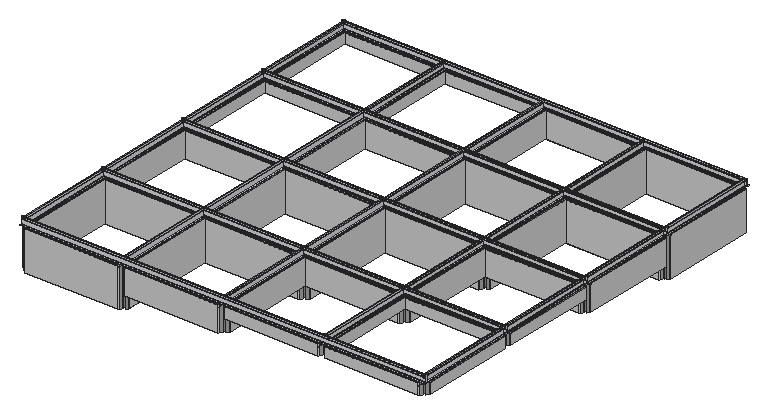
Revit family "GRD-SEC-001_SECTION GRID 001_RFA", category Modelos genéricos, Revit 2022
Family settings
  Puede alojar armadura = No
  Cota de conector redondo = Diámetro de uso
  Tipo de pieza = Normal
  Se basa en plano de trabajo = No
  Siempre vertical = Sí
  Corte con vacíos al cargar = No
  Mantener orientación de anotación = No
  Compartido = No
  Punto de cálculo de habitación = No
Parameters
  Elevación por defecto = 0.00"
Reference planes (in)
  plane 1 "Centro (Frontal/Posterior)": y = 0
  plane 2: z = 0
  plane 3 "Centro (Izquierda/Derecha)": x = 0
Forms (in)
  Extrusion 1, solid
    sketch origin (0, 0.25, 0) x (0, 1, 0) y (0, 0, 1)
      loop
        line (0.42221, 1.66259) -> (0.42231, 0.67354)
        arc (0.42231, 0.67354) -> (0.41009, 0.64403) -> (0.38057, 0.6318) r 0.04174
        line (0.38057, 0.6318) -> (-0.00639, 0.6318) -> (-0.00639, 0.59057) -> (0.8874, 0.59057) -> (0.8874, 0.6318) -> (0.49998, 0.6318)
        arc (0.49998, 0.6318) -> (0.47046, 0.64403) -> (0.45824, 0.67354) r 0.04174
        line (0.45824, 0.67354) -> (0.45834, 1.66259)
        arc (0.45834, 1.66259) -> (0.46543, 1.67969) -> (0.48252, 1.68677) r 0.02418
        line (0.48252, 1.68677) -> (0.52252, 1.68677)
        arc (0.52252, 1.68677) -> (0.55303, 1.69941) -> (0.56566, 1.72991) r 0.04314
        line (0.56566, 1.72991) -> (0.56566, 2.14095)
        arc (0.56566, 2.14095) -> (0.5626, 2.15637) -> (0.55386, 2.16944) r 0.04029
        line (0.55386, 2.16944) -> (0.47053, 2.25277)
        arc (0.47053, 2.25277) -> (0.44027, 2.2653) -> (0.41002, 2.25277) r 0.04279
        line (0.41002, 2.25277) -> (0.32669, 2.16944)
        arc (0.32669, 2.16944) -> (0.31795, 2.15637) -> (0.31489, 2.14095) r 0.04029
        line (0.31489, 2.14095) -> (0.31489, 1.72991)
        arc (0.31489, 1.72991) -> (0.32752, 1.69941) -> (0.35803, 1.68677) r 0.04314
        line (0.35803, 1.68677) -> (0.39803, 1.68677)
        arc (0.39803, 1.68677) -> (0.41512, 1.67969) -> (0.42221, 1.66259) r 0.02418
      loop
        arc (0.33294, 1.7291) -> (0.34005, 1.71194) -> (0.35722, 1.70483) r 0.02428
        line (0.35722, 1.70483) -> (0.39815, 1.70483)
        arc (0.39815, 1.70483) -> (0.42797, 1.69248) -> (0.44023, 1.66266) r 0.04217
        arc (0.44023, 1.66266) -> (0.45258, 1.69248) -> (0.4824, 1.70483) r 0.04217
        line (0.4824, 1.70483) -> (0.52333, 1.70483)
        arc (0.52333, 1.70483) -> (0.54049, 1.71194) -> (0.54761, 1.7291) r 0.02428
        line (0.54761, 1.7291) -> (0.54761, 2.15016) -> (0.45704, 2.24072)
        arc (0.45704, 2.24072) -> (0.44027, 2.24767) -> (0.42351, 2.24072) r 0.02371
        line (0.42351, 2.24072) -> (0.33294, 2.15016) -> (0.33294, 1.7291)
    from 0 to 96.9361
  Extrusion 2, solid
    sketch origin (0, 24.25, 0) x (0, 1, 0) y (0, 0, 1)
      loop
        line (0.42221, 1.66259) -> (0.42231, 0.67354)
        arc (0.42231, 0.67354) -> (0.41009, 0.64403) -> (0.38057, 0.6318) r 0.04174
        line (0.38057, 0.6318) -> (-0.00639, 0.6318) -> (-0.00639, 0.59057) -> (0.8874, 0.59057) -> (0.8874, 0.6318) -> (0.49998, 0.6318)
        arc (0.49998, 0.6318) -> (0.47046, 0.64403) -> (0.45824, 0.67354) r 0.04174
        line (0.45824, 0.67354) -> (0.45834, 1.66259)
        arc (0.45834, 1.66259) -> (0.46543, 1.67969) -> (0.48252, 1.68677) r 0.02418
        line (0.48252, 1.68677) -> (0.52252, 1.68677)
        arc (0.52252, 1.68677) -> (0.55303, 1.69941) -> (0.56566, 1.72991) r 0.04314
        line (0.56566, 1.72991) -> (0.56566, 2.14095)
        arc (0.56566, 2.14095) -> (0.5626, 2.15637) -> (0.55386, 2.16944) r 0.04029
        line (0.55386, 2.16944) -> (0.47053, 2.25277)
        arc (0.47053, 2.25277) -> (0.44027, 2.2653) -> (0.41002, 2.25277) r 0.04279
        line (0.41002, 2.25277) -> (0.32669, 2.16944)
        arc (0.32669, 2.16944) -> (0.31795, 2.15637) -> (0.31489, 2.14095) r 0.04029
        line (0.31489, 2.14095) -> (0.31489, 1.72991)
        arc (0.31489, 1.72991) -> (0.32752, 1.69941) -> (0.35803, 1.68677) r 0.04314
        line (0.35803, 1.68677) -> (0.39803, 1.68677)
        arc (0.39803, 1.68677) -> (0.41512, 1.67969) -> (0.42221, 1.66259) r 0.02418
      loop
        arc (0.33294, 1.7291) -> (0.34005, 1.71194) -> (0.35722, 1.70483) r 0.02428
        line (0.35722, 1.70483) -> (0.39815, 1.70483)
        arc (0.39815, 1.70483) -> (0.42797, 1.69248) -> (0.44023, 1.66266) r 0.04217
        arc (0.44023, 1.66266) -> (0.45258, 1.69248) -> (0.4824, 1.70483) r 0.04217
        line (0.4824, 1.70483) -> (0.52333, 1.70483)
        arc (0.52333, 1.70483) -> (0.54049, 1.71194) -> (0.54761, 1.7291) r 0.02428
        line (0.54761, 1.7291) -> (0.54761, 2.15016) -> (0.45704, 2.24072)
        arc (0.45704, 2.24072) -> (0.44027, 2.24767) -> (0.42351, 2.24072) r 0.02371
        line (0.42351, 2.24072) -> (0.33294, 2.15016) -> (0.33294, 1.7291)
    from 0 to 96.9361
  Extrusion 3, solid
    sketch origin (0, 48.25, 0) x (0, 1, 0) y (0, 0, 1)
      loop
        line (0.42221, 1.66259) -> (0.42231, 0.67354)
        arc (0.42231, 0.67354) -> (0.41009, 0.64403) -> (0.38057, 0.6318) r 0.04174
        line (0.38057, 0.6318) -> (-0.00639, 0.6318) -> (-0.00639, 0.59057) -> (0.8874, 0.59057) -> (0.8874, 0.6318) -> (0.49998, 0.6318)
        arc (0.49998, 0.6318) -> (0.47046, 0.64403) -> (0.45824, 0.67354) r 0.04174
        line (0.45824, 0.67354) -> (0.45834, 1.66259)
        arc (0.45834, 1.66259) -> (0.46543, 1.67969) -> (0.48252, 1.68677) r 0.02418
        line (0.48252, 1.68677) -> (0.52252, 1.68677)
        arc (0.52252, 1.68677) -> (0.55303, 1.69941) -> (0.56566, 1.72991) r 0.04314
        line (0.56566, 1.72991) -> (0.56566, 2.14095)
        arc (0.56566, 2.14095) -> (0.5626, 2.15637) -> (0.55386, 2.16944) r 0.04029
        line (0.55386, 2.16944) -> (0.47053, 2.25277)
        arc (0.47053, 2.25277) -> (0.44027, 2.2653) -> (0.41002, 2.25277) r 0.04279
        line (0.41002, 2.25277) -> (0.32669, 2.16944)
        arc (0.32669, 2.16944) -> (0.31795, 2.15637) -> (0.31489, 2.14095) r 0.04029
        line (0.31489, 2.14095) -> (0.31489, 1.72991)
        arc (0.31489, 1.72991) -> (0.32752, 1.69941) -> (0.35803, 1.68677) r 0.04314
        line (0.35803, 1.68677) -> (0.39803, 1.68677)
        arc (0.39803, 1.68677) -> (0.41512, 1.67969) -> (0.42221, 1.66259) r 0.02418
      loop
        arc (0.33294, 1.7291) -> (0.34005, 1.71194) -> (0.35722, 1.70483) r 0.02428
        line (0.35722, 1.70483) -> (0.39815, 1.70483)
        arc (0.39815, 1.70483) -> (0.42797, 1.69248) -> (0.44023, 1.66266) r 0.04217
        arc (0.44023, 1.66266) -> (0.45258, 1.69248) -> (0.4824, 1.70483) r 0.04217
        line (0.4824, 1.70483) -> (0.52333, 1.70483)
        arc (0.52333, 1.70483) -> (0.54049, 1.71194) -> (0.54761, 1.7291) r 0.02428
        line (0.54761, 1.7291) -> (0.54761, 2.15016) -> (0.45704, 2.24072)
        arc (0.45704, 2.24072) -> (0.44027, 2.24767) -> (0.42351, 2.24072) r 0.02371
        line (0.42351, 2.24072) -> (0.33294, 2.15016) -> (0.33294, 1.7291)
    from 0 to 96.9361
  Extrusion 4, solid
    sketch origin (0, 72.25, 0) x (0, 1, 0) y (0, 0, 1)
      loop
        line (0.42221, 1.66259) -> (0.42231, 0.67354)
        arc (0.42231, 0.67354) -> (0.41009, 0.64403) -> (0.38057, 0.6318) r 0.04174
        line (0.38057, 0.6318) -> (-0.00639, 0.6318) -> (-0.00639, 0.59057) -> (0.8874, 0.59057) -> (0.8874, 0.6318) -> (0.49998, 0.6318)
        arc (0.49998, 0.6318) -> (0.47046, 0.64403) -> (0.45824, 0.67354) r 0.04174
        line (0.45824, 0.67354) -> (0.45834, 1.66259)
        arc (0.45834, 1.66259) -> (0.46543, 1.67969) -> (0.48252, 1.68677) r 0.02418
        line (0.48252, 1.68677) -> (0.52252, 1.68677)
        arc (0.52252, 1.68677) -> (0.55303, 1.69941) -> (0.56566, 1.72991) r 0.04314
        line (0.56566, 1.72991) -> (0.56566, 2.14095)
        arc (0.56566, 2.14095) -> (0.5626, 2.15637) -> (0.55386, 2.16944) r 0.04029
        line (0.55386, 2.16944) -> (0.47053, 2.25277)
        arc (0.47053, 2.25277) -> (0.44027, 2.2653) -> (0.41002, 2.25277) r 0.04279
        line (0.41002, 2.25277) -> (0.32669, 2.16944)
        arc (0.32669, 2.16944) -> (0.31795, 2.15637) -> (0.31489, 2.14095) r 0.04029
        line (0.31489, 2.14095) -> (0.31489, 1.72991)
        arc (0.31489, 1.72991) -> (0.32752, 1.69941) -> (0.35803, 1.68677) r 0.04314
        line (0.35803, 1.68677) -> (0.39803, 1.68677)
        arc (0.39803, 1.68677) -> (0.41512, 1.67969) -> (0.42221, 1.66259) r 0.02418
      loop
        arc (0.33294, 1.7291) -> (0.34005, 1.71194) -> (0.35722, 1.70483) r 0.02428
        line (0.35722, 1.70483) -> (0.39815, 1.70483)
        arc (0.39815, 1.70483) -> (0.42797, 1.69248) -> (0.44023, 1.66266) r 0.04217
        arc (0.44023, 1.66266) -> (0.45258, 1.69248) -> (0.4824, 1.70483) r 0.04217
        line (0.4824, 1.70483) -> (0.52333, 1.70483)
        arc (0.52333, 1.70483) -> (0.54049, 1.71194) -> (0.54761, 1.7291) r 0.02428
        line (0.54761, 1.7291) -> (0.54761, 2.15016) -> (0.45704, 2.24072)
        arc (0.45704, 2.24072) -> (0.44027, 2.24767) -> (0.42351, 2.24072) r 0.02371
        line (0.42351, 2.24072) -> (0.33294, 2.15016) -> (0.33294, 1.7291)
    from 0 to 96.9361
  Extrusion 5, solid
    sketch origin (0, 96.25, 0) x (0, 1, 0) y (0, 0, 1)
      loop
        line (0.42221, 1.66259) -> (0.42231, 0.67354)
        arc (0.42231, 0.67354) -> (0.41009, 0.64403) -> (0.38057, 0.6318) r 0.04174
        line (0.38057, 0.6318) -> (-0.00639, 0.6318) -> (-0.00639, 0.59057) -> (0.8874, 0.59057) -> (0.8874, 0.6318) -> (0.49998, 0.6318)
        arc (0.49998, 0.6318) -> (0.47046, 0.64403) -> (0.45824, 0.67354) r 0.04174
        line (0.45824, 0.67354) -> (0.45834, 1.66259)
        arc (0.45834, 1.66259) -> (0.46543, 1.67969) -> (0.48252, 1.68677) r 0.02418
        line (0.48252, 1.68677) -> (0.52252, 1.68677)
        arc (0.52252, 1.68677) -> (0.55303, 1.69941) -> (0.56566, 1.72991) r 0.04314
        line (0.56566, 1.72991) -> (0.56566, 2.14095)
        arc (0.56566, 2.14095) -> (0.5626, 2.15637) -> (0.55386, 2.16944) r 0.04029
        line (0.55386, 2.16944) -> (0.47053, 2.25277)
        arc (0.47053, 2.25277) -> (0.44027, 2.2653) -> (0.41002, 2.25277) r 0.04279
        line (0.41002, 2.25277) -> (0.32669, 2.16944)
        arc (0.32669, 2.16944) -> (0.31795, 2.15637) -> (0.31489, 2.14095) r 0.04029
        line (0.31489, 2.14095) -> (0.31489, 1.72991)
        arc (0.31489, 1.72991) -> (0.32752, 1.69941) -> (0.35803, 1.68677) r 0.04314
        line (0.35803, 1.68677) -> (0.39803, 1.68677)
        arc (0.39803, 1.68677) -> (0.41512, 1.67969) -> (0.42221, 1.66259) r 0.02418
      loop
        arc (0.33294, 1.7291) -> (0.34005, 1.71194) -> (0.35722, 1.70483) r 0.02428
        line (0.35722, 1.70483) -> (0.39815, 1.70483)
        arc (0.39815, 1.70483) -> (0.42797, 1.69248) -> (0.44023, 1.66266) r 0.04217
        arc (0.44023, 1.66266) -> (0.45258, 1.69248) -> (0.4824, 1.70483) r 0.04217
        line (0.4824, 1.70483) -> (0.52333, 1.70483)
        arc (0.52333, 1.70483) -> (0.54049, 1.71194) -> (0.54761, 1.7291) r 0.02428
        line (0.54761, 1.7291) -> (0.54761, 2.15016) -> (0.45704, 2.24072)
        arc (0.45704, 2.24072) -> (0.44027, 2.24767) -> (0.42351, 2.24072) r 0.02371
        line (0.42351, 2.24072) -> (0.33294, 2.15016) -> (0.33294, 1.7291)
    from 0 to 96.9361
  Extrusion 6, solid
    sketch origin (48.02754, 155.15856, 0) x (1, 0, 0) y (0, 0, 1)
      loop
        line (0.42221, 1.66259) -> (0.42231, 0.67354)
        arc (0.42231, 0.67354) -> (0.41009, 0.64403) -> (0.38057, 0.6318) r 0.04174
        line (0.38057, 0.6318) -> (-0.00639, 0.6318) -> (-0.00639, 0.59057) -> (0.8874, 0.59057) -> (0.8874, 0.6318) -> (0.49998, 0.6318)
        arc (0.49998, 0.6318) -> (0.47046, 0.64403) -> (0.45824, 0.67354) r 0.04174
        line (0.45824, 0.67354) -> (0.45834, 1.66259)
        arc (0.45834, 1.66259) -> (0.46543, 1.67969) -> (0.48252, 1.68677) r 0.02418
        line (0.48252, 1.68677) -> (0.52252, 1.68677)
        arc (0.52252, 1.68677) -> (0.55303, 1.69941) -> (0.56566, 1.72991) r 0.04314
        line (0.56566, 1.72991) -> (0.56566, 2.14095)
        arc (0.56566, 2.14095) -> (0.5626, 2.15637) -> (0.55386, 2.16944) r 0.04029
        line (0.55386, 2.16944) -> (0.47053, 2.25277)
        arc (0.47053, 2.25277) -> (0.44027, 2.2653) -> (0.41002, 2.25277) r 0.04279
        line (0.41002, 2.25277) -> (0.32669, 2.16944)
        arc (0.32669, 2.16944) -> (0.31795, 2.15637) -> (0.31489, 2.14095) r 0.04029
        line (0.31489, 2.14095) -> (0.31489, 1.72991)
        arc (0.31489, 1.72991) -> (0.32752, 1.69941) -> (0.35803, 1.68677) r 0.04314
        line (0.35803, 1.68677) -> (0.39803, 1.68677)
        arc (0.39803, 1.68677) -> (0.41512, 1.67969) -> (0.42221, 1.66259) r 0.02418
      loop
        arc (0.33294, 1.7291) -> (0.34005, 1.71194) -> (0.35722, 1.70483) r 0.02428
        line (0.35722, 1.70483) -> (0.39815, 1.70483)
        arc (0.39815, 1.70483) -> (0.42797, 1.69248) -> (0.44023, 1.66266) r 0.04217
        arc (0.44023, 1.66266) -> (0.45258, 1.69248) -> (0.4824, 1.70483) r 0.04217
        line (0.4824, 1.70483) -> (0.52333, 1.70483)
        arc (0.52333, 1.70483) -> (0.54049, 1.71194) -> (0.54761, 1.7291) r 0.02428
        line (0.54761, 1.7291) -> (0.54761, 2.15016) -> (0.45704, 2.24072)
        arc (0.45704, 2.24072) -> (0.44027, 2.24767) -> (0.42351, 2.24072) r 0.02371
        line (0.42351, 2.24072) -> (0.33294, 2.15016) -> (0.33294, 1.7291)
    from 58.93614 to 81.99864
  Extrusion 7, solid
    sketch origin (72.02767, 155.15856, 0) x (1, 0, 0) y (0, 0, 1)
      loop
        line (0.42221, 1.66259) -> (0.42231, 0.67354)
        arc (0.42231, 0.67354) -> (0.41009, 0.64403) -> (0.38057, 0.6318) r 0.04174
        line (0.38057, 0.6318) -> (-0.00639, 0.6318) -> (-0.00639, 0.59057) -> (0.8874, 0.59057) -> (0.8874, 0.6318) -> (0.49998, 0.6318)
        arc (0.49998, 0.6318) -> (0.47046, 0.64403) -> (0.45824, 0.67354) r 0.04174
        line (0.45824, 0.67354) -> (0.45834, 1.66259)
        arc (0.45834, 1.66259) -> (0.46543, 1.67969) -> (0.48252, 1.68677) r 0.02418
        line (0.48252, 1.68677) -> (0.52252, 1.68677)
        arc (0.52252, 1.68677) -> (0.55303, 1.69941) -> (0.56566, 1.72991) r 0.04314
        line (0.56566, 1.72991) -> (0.56566, 2.14095)
        arc (0.56566, 2.14095) -> (0.5626, 2.15637) -> (0.55386, 2.16944) r 0.04029
        line (0.55386, 2.16944) -> (0.47053, 2.25277)
        arc (0.47053, 2.25277) -> (0.44027, 2.2653) -> (0.41002, 2.25277) r 0.04279
        line (0.41002, 2.25277) -> (0.32669, 2.16944)
        arc (0.32669, 2.16944) -> (0.31795, 2.15637) -> (0.31489, 2.14095) r 0.04029
        line (0.31489, 2.14095) -> (0.31489, 1.72991)
        arc (0.31489, 1.72991) -> (0.32752, 1.69941) -> (0.35803, 1.68677) r 0.04314
        line (0.35803, 1.68677) -> (0.39803, 1.68677)
        arc (0.39803, 1.68677) -> (0.41512, 1.67969) -> (0.42221, 1.66259) r 0.02418
      loop
        arc (0.33294, 1.7291) -> (0.34005, 1.71194) -> (0.35722, 1.70483) r 0.02428
        line (0.35722, 1.70483) -> (0.39815, 1.70483)
        arc (0.39815, 1.70483) -> (0.42797, 1.69248) -> (0.44023, 1.66266) r 0.04217
        arc (0.44023, 1.66266) -> (0.45258, 1.69248) -> (0.4824, 1.70483) r 0.04217
        line (0.4824, 1.70483) -> (0.52333, 1.70483)
        arc (0.52333, 1.70483) -> (0.54049, 1.71194) -> (0.54761, 1.7291) r 0.02428
        line (0.54761, 1.7291) -> (0.54761, 2.15016) -> (0.45704, 2.24072)
        arc (0.45704, 2.24072) -> (0.44027, 2.24767) -> (0.42351, 2.24072) r 0.02371
        line (0.42351, 2.24072) -> (0.33294, 2.15016) -> (0.33294, 1.7291)
    from 58.93614 to 81.99864
  Extrusion 8, solid
    sketch origin (96.02767, 155.15856, 0) x (1, 0, 0) y (0, 0, 1)
      loop
        line (0.42221, 1.66259) -> (0.42231, 0.67354)
        arc (0.42231, 0.67354) -> (0.41009, 0.64403) -> (0.38057, 0.6318) r 0.04174
        line (0.38057, 0.6318) -> (-0.00639, 0.6318) -> (-0.00639, 0.59057) -> (0.8874, 0.59057) -> (0.8874, 0.6318) -> (0.49998, 0.6318)
        arc (0.49998, 0.6318) -> (0.47046, 0.64403) -> (0.45824, 0.67354) r 0.04174
        line (0.45824, 0.67354) -> (0.45834, 1.66259)
        arc (0.45834, 1.66259) -> (0.46543, 1.67969) -> (0.48252, 1.68677) r 0.02418
        line (0.48252, 1.68677) -> (0.52252, 1.68677)
        arc (0.52252, 1.68677) -> (0.55303, 1.69941) -> (0.56566, 1.72991) r 0.04314
        line (0.56566, 1.72991) -> (0.56566, 2.14095)
        arc (0.56566, 2.14095) -> (0.5626, 2.15637) -> (0.55386, 2.16944) r 0.04029
        line (0.55386, 2.16944) -> (0.47053, 2.25277)
        arc (0.47053, 2.25277) -> (0.44027, 2.2653) -> (0.41002, 2.25277) r 0.04279
        line (0.41002, 2.25277) -> (0.32669, 2.16944)
        arc (0.32669, 2.16944) -> (0.31795, 2.15637) -> (0.31489, 2.14095) r 0.04029
        line (0.31489, 2.14095) -> (0.31489, 1.72991)
        arc (0.31489, 1.72991) -> (0.32752, 1.69941) -> (0.35803, 1.68677) r 0.04314
        line (0.35803, 1.68677) -> (0.39803, 1.68677)
        arc (0.39803, 1.68677) -> (0.41512, 1.67969) -> (0.42221, 1.66259) r 0.02418
      loop
        arc (0.33294, 1.7291) -> (0.34005, 1.71194) -> (0.35722, 1.70483) r 0.02428
        line (0.35722, 1.70483) -> (0.39815, 1.70483)
        arc (0.39815, 1.70483) -> (0.42797, 1.69248) -> (0.44023, 1.66266) r 0.04217
        arc (0.44023, 1.66266) -> (0.45258, 1.69248) -> (0.4824, 1.70483) r 0.04217
        line (0.4824, 1.70483) -> (0.52333, 1.70483)
        arc (0.52333, 1.70483) -> (0.54049, 1.71194) -> (0.54761, 1.7291) r 0.02428
        line (0.54761, 1.7291) -> (0.54761, 2.15016) -> (0.45704, 2.24072)
        arc (0.45704, 2.24072) -> (0.44027, 2.24767) -> (0.42351, 2.24072) r 0.02371
        line (0.42351, 2.24072) -> (0.33294, 2.15016) -> (0.33294, 1.7291)
    from 58.93614 to 81.99864
  Extrusion 9, solid
    sketch origin (24.02767, 155.15856, 0) x (1, 0, 0) y (0, 0, 1)
      loop
        line (0.42221, 1.66259) -> (0.42231, 0.67354)
        arc (0.42231, 0.67354) -> (0.41009, 0.64403) -> (0.38057, 0.6318) r 0.04174
        line (0.38057, 0.6318) -> (-0.00639, 0.6318) -> (-0.00639, 0.59057) -> (0.8874, 0.59057) -> (0.8874, 0.6318) -> (0.49998, 0.6318)
        arc (0.49998, 0.6318) -> (0.47046, 0.64403) -> (0.45824, 0.67354) r 0.04174
        line (0.45824, 0.67354) -> (0.45834, 1.66259)
        arc (0.45834, 1.66259) -> (0.46543, 1.67969) -> (0.48252, 1.68677) r 0.02418
        line (0.48252, 1.68677) -> (0.52252, 1.68677)
        arc (0.52252, 1.68677) -> (0.55303, 1.69941) -> (0.56566, 1.72991) r 0.04314
        line (0.56566, 1.72991) -> (0.56566, 2.14095)
        arc (0.56566, 2.14095) -> (0.5626, 2.15637) -> (0.55386, 2.16944) r 0.04029
        line (0.55386, 2.16944) -> (0.47053, 2.25277)
        arc (0.47053, 2.25277) -> (0.44027, 2.2653) -> (0.41002, 2.25277) r 0.04279
        line (0.41002, 2.25277) -> (0.32669, 2.16944)
        arc (0.32669, 2.16944) -> (0.31795, 2.15637) -> (0.31489, 2.14095) r 0.04029
        line (0.31489, 2.14095) -> (0.31489, 1.72991)
        arc (0.31489, 1.72991) -> (0.32752, 1.69941) -> (0.35803, 1.68677) r 0.04314
        line (0.35803, 1.68677) -> (0.39803, 1.68677)
        arc (0.39803, 1.68677) -> (0.41512, 1.67969) -> (0.42221, 1.66259) r 0.02418
      loop
        arc (0.33294, 1.7291) -> (0.34005, 1.71194) -> (0.35722, 1.70483) r 0.02428
        line (0.35722, 1.70483) -> (0.39815, 1.70483)
        arc (0.39815, 1.70483) -> (0.42797, 1.69248) -> (0.44023, 1.66266) r 0.04217
        arc (0.44023, 1.66266) -> (0.45258, 1.69248) -> (0.4824, 1.70483) r 0.04217
        line (0.4824, 1.70483) -> (0.52333, 1.70483)
        arc (0.52333, 1.70483) -> (0.54049, 1.71194) -> (0.54761, 1.7291) r 0.02428
        line (0.54761, 1.7291) -> (0.54761, 2.15016) -> (0.45704, 2.24072)
        arc (0.45704, 2.24072) -> (0.44027, 2.24767) -> (0.42351, 2.24072) r 0.02371
        line (0.42351, 2.24072) -> (0.33294, 2.15016) -> (0.33294, 1.7291)
    from 58.93614 to 81.99864
  Extrusion 10, solid
    sketch origin (0.02767, 155.15856, 0) x (1, 0, 0) y (0, 0, 1)
      loop
        line (0.42221, 1.66259) -> (0.42231, 0.67354)
        arc (0.42231, 0.67354) -> (0.41009, 0.64403) -> (0.38057, 0.6318) r 0.04174
        line (0.38057, 0.6318) -> (-0.00639, 0.6318) -> (-0.00639, 0.59057) -> (0.8874, 0.59057) -> (0.8874, 0.6318) -> (0.49998, 0.6318)
        arc (0.49998, 0.6318) -> (0.47046, 0.64403) -> (0.45824, 0.67354) r 0.04174
        line (0.45824, 0.67354) -> (0.45834, 1.66259)
        arc (0.45834, 1.66259) -> (0.46543, 1.67969) -> (0.48252, 1.68677) r 0.02418
        line (0.48252, 1.68677) -> (0.52252, 1.68677)
        arc (0.52252, 1.68677) -> (0.55303, 1.69941) -> (0.56566, 1.72991) r 0.04314
        line (0.56566, 1.72991) -> (0.56566, 2.14095)
        arc (0.56566, 2.14095) -> (0.5626, 2.15637) -> (0.55386, 2.16944) r 0.04029
        line (0.55386, 2.16944) -> (0.47053, 2.25277)
        arc (0.47053, 2.25277) -> (0.44027, 2.2653) -> (0.41002, 2.25277) r 0.04279
        line (0.41002, 2.25277) -> (0.32669, 2.16944)
        arc (0.32669, 2.16944) -> (0.31795, 2.15637) -> (0.31489, 2.14095) r 0.04029
        line (0.31489, 2.14095) -> (0.31489, 1.72991)
        arc (0.31489, 1.72991) -> (0.32752, 1.69941) -> (0.35803, 1.68677) r 0.04314
        line (0.35803, 1.68677) -> (0.39803, 1.68677)
        arc (0.39803, 1.68677) -> (0.41512, 1.67969) -> (0.42221, 1.66259) r 0.02418
      loop
        arc (0.33294, 1.7291) -> (0.34005, 1.71194) -> (0.35722, 1.70483) r 0.02428
        line (0.35722, 1.70483) -> (0.39815, 1.70483)
        arc (0.39815, 1.70483) -> (0.42797, 1.69248) -> (0.44023, 1.66266) r 0.04217
        arc (0.44023, 1.66266) -> (0.45258, 1.69248) -> (0.4824, 1.70483) r 0.04217
        line (0.4824, 1.70483) -> (0.52333, 1.70483)
        arc (0.52333, 1.70483) -> (0.54049, 1.71194) -> (0.54761, 1.7291) r 0.02428
        line (0.54761, 1.7291) -> (0.54761, 2.15016) -> (0.45704, 2.24072)
        arc (0.45704, 2.24072) -> (0.44027, 2.24767) -> (0.42351, 2.24072) r 0.02371
        line (0.42351, 2.24072) -> (0.33294, 2.15016) -> (0.33294, 1.7291)
    from 58.93614 to 81.99864
  Extrusion 11, solid
    sketch origin (48.02754, 131.15855, 0) x (1, 0, 0) y (0, 0, 1)
      loop
        line (0.42221, 1.66259) -> (0.42231, 0.67354)
        arc (0.42231, 0.67354) -> (0.41009, 0.64403) -> (0.38057, 0.6318) r 0.04174
        line (0.38057, 0.6318) -> (-0.00639, 0.6318) -> (-0.00639, 0.59057) -> (0.8874, 0.59057) -> (0.8874, 0.6318) -> (0.49998, 0.6318)
        arc (0.49998, 0.6318) -> (0.47046, 0.64403) -> (0.45824, 0.67354) r 0.04174
        line (0.45824, 0.67354) -> (0.45834, 1.66259)
        arc (0.45834, 1.66259) -> (0.46543, 1.67969) -> (0.48252, 1.68677) r 0.02418
        line (0.48252, 1.68677) -> (0.52252, 1.68677)
        arc (0.52252, 1.68677) -> (0.55303, 1.69941) -> (0.56566, 1.72991) r 0.04314
        line (0.56566, 1.72991) -> (0.56566, 2.14095)
        arc (0.56566, 2.14095) -> (0.5626, 2.15637) -> (0.55386, 2.16944) r 0.04029
        line (0.55386, 2.16944) -> (0.47053, 2.25277)
        arc (0.47053, 2.25277) -> (0.44027, 2.2653) -> (0.41002, 2.25277) r 0.04279
        line (0.41002, 2.25277) -> (0.32669, 2.16944)
        arc (0.32669, 2.16944) -> (0.31795, 2.15637) -> (0.31489, 2.14095) r 0.04029
        line (0.31489, 2.14095) -> (0.31489, 1.72991)
        arc (0.31489, 1.72991) -> (0.32752, 1.69941) -> (0.35803, 1.68677) r 0.04314
        line (0.35803, 1.68677) -> (0.39803, 1.68677)
        arc (0.39803, 1.68677) -> (0.41512, 1.67969) -> (0.42221, 1.66259) r 0.02418
      loop
        arc (0.33294, 1.7291) -> (0.34005, 1.71194) -> (0.35722, 1.70483) r 0.02428
        line (0.35722, 1.70483) -> (0.39815, 1.70483)
        arc (0.39815, 1.70483) -> (0.42797, 1.69248) -> (0.44023, 1.66266) r 0.04217
        arc (0.44023, 1.66266) -> (0.45258, 1.69248) -> (0.4824, 1.70483) r 0.04217
        line (0.4824, 1.70483) -> (0.52333, 1.70483)
        arc (0.52333, 1.70483) -> (0.54049, 1.71194) -> (0.54761, 1.7291) r 0.02428
        line (0.54761, 1.7291) -> (0.54761, 2.15016) -> (0.45704, 2.24072)
        arc (0.45704, 2.24072) -> (0.44027, 2.24767) -> (0.42351, 2.24072) r 0.02371
        line (0.42351, 2.24072) -> (0.33294, 2.15016) -> (0.33294, 1.7291)
    from 58.93614 to 81.99864
  Extrusion 12, solid
    sketch origin (72.02767, 131.15855, 0) x (1, 0, 0) y (0, 0, 1)
      loop
        line (0.42221, 1.66259) -> (0.42231, 0.67354)
        arc (0.42231, 0.67354) -> (0.41009, 0.64403) -> (0.38057, 0.6318) r 0.04174
        line (0.38057, 0.6318) -> (-0.00639, 0.6318) -> (-0.00639, 0.59057) -> (0.8874, 0.59057) -> (0.8874, 0.6318) -> (0.49998, 0.6318)
        arc (0.49998, 0.6318) -> (0.47046, 0.64403) -> (0.45824, 0.67354) r 0.04174
        line (0.45824, 0.67354) -> (0.45834, 1.66259)
        arc (0.45834, 1.66259) -> (0.46543, 1.67969) -> (0.48252, 1.68677) r 0.02418
        line (0.48252, 1.68677) -> (0.52252, 1.68677)
        arc (0.52252, 1.68677) -> (0.55303, 1.69941) -> (0.56566, 1.72991) r 0.04314
        line (0.56566, 1.72991) -> (0.56566, 2.14095)
        arc (0.56566, 2.14095) -> (0.5626, 2.15637) -> (0.55386, 2.16944) r 0.04029
        line (0.55386, 2.16944) -> (0.47053, 2.25277)
        arc (0.47053, 2.25277) -> (0.44027, 2.2653) -> (0.41002, 2.25277) r 0.04279
        line (0.41002, 2.25277) -> (0.32669, 2.16944)
        arc (0.32669, 2.16944) -> (0.31795, 2.15637) -> (0.31489, 2.14095) r 0.04029
        line (0.31489, 2.14095) -> (0.31489, 1.72991)
        arc (0.31489, 1.72991) -> (0.32752, 1.69941) -> (0.35803, 1.68677) r 0.04314
        line (0.35803, 1.68677) -> (0.39803, 1.68677)
        arc (0.39803, 1.68677) -> (0.41512, 1.67969) -> (0.42221, 1.66259) r 0.02418
      loop
        arc (0.33294, 1.7291) -> (0.34005, 1.71194) -> (0.35722, 1.70483) r 0.02428
        line (0.35722, 1.70483) -> (0.39815, 1.70483)
        arc (0.39815, 1.70483) -> (0.42797, 1.69248) -> (0.44023, 1.66266) r 0.04217
        arc (0.44023, 1.66266) -> (0.45258, 1.69248) -> (0.4824, 1.70483) r 0.04217
        line (0.4824, 1.70483) -> (0.52333, 1.70483)
        arc (0.52333, 1.70483) -> (0.54049, 1.71194) -> (0.54761, 1.7291) r 0.02428
        line (0.54761, 1.7291) -> (0.54761, 2.15016) -> (0.45704, 2.24072)
        arc (0.45704, 2.24072) -> (0.44027, 2.24767) -> (0.42351, 2.24072) r 0.02371
        line (0.42351, 2.24072) -> (0.33294, 2.15016) -> (0.33294, 1.7291)
    from 58.93614 to 81.99864
  Extrusion 13, solid
    sketch origin (96.02767, 131.15855, 0) x (1, 0, 0) y (0, 0, 1)
      loop
        line (0.42221, 1.66259) -> (0.42231, 0.67354)
        arc (0.42231, 0.67354) -> (0.41009, 0.64403) -> (0.38057, 0.6318) r 0.04174
        line (0.38057, 0.6318) -> (-0.00639, 0.6318) -> (-0.00639, 0.59057) -> (0.8874, 0.59057) -> (0.8874, 0.6318) -> (0.49998, 0.6318)
        arc (0.49998, 0.6318) -> (0.47046, 0.64403) -> (0.45824, 0.67354) r 0.04174
        line (0.45824, 0.67354) -> (0.45834, 1.66259)
        arc (0.45834, 1.66259) -> (0.46543, 1.67969) -> (0.48252, 1.68677) r 0.02418
        line (0.48252, 1.68677) -> (0.52252, 1.68677)
        arc (0.52252, 1.68677) -> (0.55303, 1.69941) -> (0.56566, 1.72991) r 0.04314
        line (0.56566, 1.72991) -> (0.56566, 2.14095)
        arc (0.56566, 2.14095) -> (0.5626, 2.15637) -> (0.55386, 2.16944) r 0.04029
        line (0.55386, 2.16944) -> (0.47053, 2.25277)
        arc (0.47053, 2.25277) -> (0.44027, 2.2653) -> (0.41002, 2.25277) r 0.04279
        line (0.41002, 2.25277) -> (0.32669, 2.16944)
        arc (0.32669, 2.16944) -> (0.31795, 2.15637) -> (0.31489, 2.14095) r 0.04029
        line (0.31489, 2.14095) -> (0.31489, 1.72991)
        arc (0.31489, 1.72991) -> (0.32752, 1.69941) -> (0.35803, 1.68677) r 0.04314
        line (0.35803, 1.68677) -> (0.39803, 1.68677)
        arc (0.39803, 1.68677) -> (0.41512, 1.67969) -> (0.42221, 1.66259) r 0.02418
      loop
        arc (0.33294, 1.7291) -> (0.34005, 1.71194) -> (0.35722, 1.70483) r 0.02428
        line (0.35722, 1.70483) -> (0.39815, 1.70483)
        arc (0.39815, 1.70483) -> (0.42797, 1.69248) -> (0.44023, 1.66266) r 0.04217
        arc (0.44023, 1.66266) -> (0.45258, 1.69248) -> (0.4824, 1.70483) r 0.04217
        line (0.4824, 1.70483) -> (0.52333, 1.70483)
        arc (0.52333, 1.70483) -> (0.54049, 1.71194) -> (0.54761, 1.7291) r 0.02428
        line (0.54761, 1.7291) -> (0.54761, 2.15016) -> (0.45704, 2.24072)
        arc (0.45704, 2.24072) -> (0.44027, 2.24767) -> (0.42351, 2.24072) r 0.02371
        line (0.42351, 2.24072) -> (0.33294, 2.15016) -> (0.33294, 1.7291)
    from 58.93614 to 81.99864
  Extrusion 14, solid
    sketch origin (24.02767, 131.15855, 0) x (1, 0, 0) y (0, 0, 1)
      loop
        line (0.42221, 1.66259) -> (0.42231, 0.67354)
        arc (0.42231, 0.67354) -> (0.41009, 0.64403) -> (0.38057, 0.6318) r 0.04174
        line (0.38057, 0.6318) -> (-0.00639, 0.6318) -> (-0.00639, 0.59057) -> (0.8874, 0.59057) -> (0.8874, 0.6318) -> (0.49998, 0.6318)
        arc (0.49998, 0.6318) -> (0.47046, 0.64403) -> (0.45824, 0.67354) r 0.04174
        line (0.45824, 0.67354) -> (0.45834, 1.66259)
        arc (0.45834, 1.66259) -> (0.46543, 1.67969) -> (0.48252, 1.68677) r 0.02418
        line (0.48252, 1.68677) -> (0.52252, 1.68677)
        arc (0.52252, 1.68677) -> (0.55303, 1.69941) -> (0.56566, 1.72991) r 0.04314
        line (0.56566, 1.72991) -> (0.56566, 2.14095)
        arc (0.56566, 2.14095) -> (0.5626, 2.15637) -> (0.55386, 2.16944) r 0.04029
        line (0.55386, 2.16944) -> (0.47053, 2.25277)
        arc (0.47053, 2.25277) -> (0.44027, 2.2653) -> (0.41002, 2.25277) r 0.04279
        line (0.41002, 2.25277) -> (0.32669, 2.16944)
        arc (0.32669, 2.16944) -> (0.31795, 2.15637) -> (0.31489, 2.14095) r 0.04029
        line (0.31489, 2.14095) -> (0.31489, 1.72991)
        arc (0.31489, 1.72991) -> (0.32752, 1.69941) -> (0.35803, 1.68677) r 0.04314
        line (0.35803, 1.68677) -> (0.39803, 1.68677)
        arc (0.39803, 1.68677) -> (0.41512, 1.67969) -> (0.42221, 1.66259) r 0.02418
      loop
        arc (0.33294, 1.7291) -> (0.34005, 1.71194) -> (0.35722, 1.70483) r 0.02428
        line (0.35722, 1.70483) -> (0.39815, 1.70483)
        arc (0.39815, 1.70483) -> (0.42797, 1.69248) -> (0.44023, 1.66266) r 0.04217
        arc (0.44023, 1.66266) -> (0.45258, 1.69248) -> (0.4824, 1.70483) r 0.04217
        line (0.4824, 1.70483) -> (0.52333, 1.70483)
        arc (0.52333, 1.70483) -> (0.54049, 1.71194) -> (0.54761, 1.7291) r 0.02428
        line (0.54761, 1.7291) -> (0.54761, 2.15016) -> (0.45704, 2.24072)
        arc (0.45704, 2.24072) -> (0.44027, 2.24767) -> (0.42351, 2.24072) r 0.02371
        line (0.42351, 2.24072) -> (0.33294, 2.15016) -> (0.33294, 1.7291)
    from 58.93614 to 81.99864
  Extrusion 15, solid
    sketch origin (0.02767, 131.15855, 0) x (1, 0, 0) y (0, 0, 1)
      loop
        line (0.42221, 1.66259) -> (0.42231, 0.67354)
        arc (0.42231, 0.67354) -> (0.41009, 0.64403) -> (0.38057, 0.6318) r 0.04174
        line (0.38057, 0.6318) -> (-0.00639, 0.6318) -> (-0.00639, 0.59057) -> (0.8874, 0.59057) -> (0.8874, 0.6318) -> (0.49998, 0.6318)
        arc (0.49998, 0.6318) -> (0.47046, 0.64403) -> (0.45824, 0.67354) r 0.04174
        line (0.45824, 0.67354) -> (0.45834, 1.66259)
        arc (0.45834, 1.66259) -> (0.46543, 1.67969) -> (0.48252, 1.68677) r 0.02418
        line (0.48252, 1.68677) -> (0.52252, 1.68677)
        arc (0.52252, 1.68677) -> (0.55303, 1.69941) -> (0.56566, 1.72991) r 0.04314
        line (0.56566, 1.72991) -> (0.56566, 2.14095)
        arc (0.56566, 2.14095) -> (0.5626, 2.15637) -> (0.55386, 2.16944) r 0.04029
        line (0.55386, 2.16944) -> (0.47053, 2.25277)
        arc (0.47053, 2.25277) -> (0.44027, 2.2653) -> (0.41002, 2.25277) r 0.04279
        line (0.41002, 2.25277) -> (0.32669, 2.16944)
        arc (0.32669, 2.16944) -> (0.31795, 2.15637) -> (0.31489, 2.14095) r 0.04029
        line (0.31489, 2.14095) -> (0.31489, 1.72991)
        arc (0.31489, 1.72991) -> (0.32752, 1.69941) -> (0.35803, 1.68677) r 0.04314
        line (0.35803, 1.68677) -> (0.39803, 1.68677)
        arc (0.39803, 1.68677) -> (0.41512, 1.67969) -> (0.42221, 1.66259) r 0.02418
      loop
        arc (0.33294, 1.7291) -> (0.34005, 1.71194) -> (0.35722, 1.70483) r 0.02428
        line (0.35722, 1.70483) -> (0.39815, 1.70483)
        arc (0.39815, 1.70483) -> (0.42797, 1.69248) -> (0.44023, 1.66266) r 0.04217
        arc (0.44023, 1.66266) -> (0.45258, 1.69248) -> (0.4824, 1.70483) r 0.04217
        line (0.4824, 1.70483) -> (0.52333, 1.70483)
        arc (0.52333, 1.70483) -> (0.54049, 1.71194) -> (0.54761, 1.7291) r 0.02428
        line (0.54761, 1.7291) -> (0.54761, 2.15016) -> (0.45704, 2.24072)
        arc (0.45704, 2.24072) -> (0.44027, 2.24767) -> (0.42351, 2.24072) r 0.02371
        line (0.42351, 2.24072) -> (0.33294, 2.15016) -> (0.33294, 1.7291)
    from 58.93614 to 81.99864
  Extrusion 16, solid
    sketch origin (48.02754, 107.15856, 0) x (1, 0, 0) y (0, 0, 1)
      loop
        line (0.42221, 1.66259) -> (0.42231, 0.67354)
        arc (0.42231, 0.67354) -> (0.41009, 0.64403) -> (0.38057, 0.6318) r 0.04174
        line (0.38057, 0.6318) -> (-0.00639, 0.6318) -> (-0.00639, 0.59057) -> (0.8874, 0.59057) -> (0.8874, 0.6318) -> (0.49998, 0.6318)
        arc (0.49998, 0.6318) -> (0.47046, 0.64403) -> (0.45824, 0.67354) r 0.04174
        line (0.45824, 0.67354) -> (0.45834, 1.66259)
        arc (0.45834, 1.66259) -> (0.46543, 1.67969) -> (0.48252, 1.68677) r 0.02418
        line (0.48252, 1.68677) -> (0.52252, 1.68677)
        arc (0.52252, 1.68677) -> (0.55303, 1.69941) -> (0.56566, 1.72991) r 0.04314
        line (0.56566, 1.72991) -> (0.56566, 2.14095)
        arc (0.56566, 2.14095) -> (0.5626, 2.15637) -> (0.55386, 2.16944) r 0.04029
        line (0.55386, 2.16944) -> (0.47053, 2.25277)
        arc (0.47053, 2.25277) -> (0.44027, 2.2653) -> (0.41002, 2.25277) r 0.04279
        line (0.41002, 2.25277) -> (0.32669, 2.16944)
        arc (0.32669, 2.16944) -> (0.31795, 2.15637) -> (0.31489, 2.14095) r 0.04029
        line (0.31489, 2.14095) -> (0.31489, 1.72991)
        arc (0.31489, 1.72991) -> (0.32752, 1.69941) -> (0.35803, 1.68677) r 0.04314
        line (0.35803, 1.68677) -> (0.39803, 1.68677)
        arc (0.39803, 1.68677) -> (0.41512, 1.67969) -> (0.42221, 1.66259) r 0.02418
      loop
        arc (0.33294, 1.7291) -> (0.34005, 1.71194) -> (0.35722, 1.70483) r 0.02428
        line (0.35722, 1.70483) -> (0.39815, 1.70483)
        arc (0.39815, 1.70483) -> (0.42797, 1.69248) -> (0.44023, 1.66266) r 0.04217
        arc (0.44023, 1.66266) -> (0.45258, 1.69248) -> (0.4824, 1.70483) r 0.04217
        line (0.4824, 1.70483) -> (0.52333, 1.70483)
        arc (0.52333, 1.70483) -> (0.54049, 1.71194) -> (0.54761, 1.7291) r 0.02428
        line (0.54761, 1.7291) -> (0.54761, 2.15016) -> (0.45704, 2.24072)
        arc (0.45704, 2.24072) -> (0.44027, 2.24767) -> (0.42351, 2.24072) r 0.02371
        line (0.42351, 2.24072) -> (0.33294, 2.15016) -> (0.33294, 1.7291)
    from 58.93614 to 81.99864
  Extrusion 17, solid
    sketch origin (72.02767, 107.15856, 0) x (1, 0, 0) y (0, 0, 1)
      loop
        line (0.42221, 1.66259) -> (0.42231, 0.67354)
        arc (0.42231, 0.67354) -> (0.41009, 0.64403) -> (0.38057, 0.6318) r 0.04174
        line (0.38057, 0.6318) -> (-0.00639, 0.6318) -> (-0.00639, 0.59057) -> (0.8874, 0.59057) -> (0.8874, 0.6318) -> (0.49998, 0.6318)
        arc (0.49998, 0.6318) -> (0.47046, 0.64403) -> (0.45824, 0.67354) r 0.04174
        line (0.45824, 0.67354) -> (0.45834, 1.66259)
        arc (0.45834, 1.66259) -> (0.46543, 1.67969) -> (0.48252, 1.68677) r 0.02418
        line (0.48252, 1.68677) -> (0.52252, 1.68677)
        arc (0.52252, 1.68677) -> (0.55303, 1.69941) -> (0.56566, 1.72991) r 0.04314
        line (0.56566, 1.72991) -> (0.56566, 2.14095)
        arc (0.56566, 2.14095) -> (0.5626, 2.15637) -> (0.55386, 2.16944) r 0.04029
        line (0.55386, 2.16944) -> (0.47053, 2.25277)
        arc (0.47053, 2.25277) -> (0.44027, 2.2653) -> (0.41002, 2.25277) r 0.04279
        line (0.41002, 2.25277) -> (0.32669, 2.16944)
        arc (0.32669, 2.16944) -> (0.31795, 2.15637) -> (0.31489, 2.14095) r 0.04029
        line (0.31489, 2.14095) -> (0.31489, 1.72991)
        arc (0.31489, 1.72991) -> (0.32752, 1.69941) -> (0.35803, 1.68677) r 0.04314
        line (0.35803, 1.68677) -> (0.39803, 1.68677)
        arc (0.39803, 1.68677) -> (0.41512, 1.67969) -> (0.42221, 1.66259) r 0.02418
      loop
        arc (0.33294, 1.7291) -> (0.34005, 1.71194) -> (0.35722, 1.70483) r 0.02428
        line (0.35722, 1.70483) -> (0.39815, 1.70483)
        arc (0.39815, 1.70483) -> (0.42797, 1.69248) -> (0.44023, 1.66266) r 0.04217
        arc (0.44023, 1.66266) -> (0.45258, 1.69248) -> (0.4824, 1.70483) r 0.04217
        line (0.4824, 1.70483) -> (0.52333, 1.70483)
        arc (0.52333, 1.70483) -> (0.54049, 1.71194) -> (0.54761, 1.7291) r 0.02428
        line (0.54761, 1.7291) -> (0.54761, 2.15016) -> (0.45704, 2.24072)
        arc (0.45704, 2.24072) -> (0.44027, 2.24767) -> (0.42351, 2.24072) r 0.02371
        line (0.42351, 2.24072) -> (0.33294, 2.15016) -> (0.33294, 1.7291)
    from 58.93614 to 81.99864
  Extrusion 18, solid
    sketch origin (96.02767, 107.15856, 0) x (1, 0, 0) y (0, 0, 1)
      loop
        line (0.42221, 1.66259) -> (0.42231, 0.67354)
        arc (0.42231, 0.67354) -> (0.41009, 0.64403) -> (0.38057, 0.6318) r 0.04174
        line (0.38057, 0.6318) -> (-0.00639, 0.6318) -> (-0.00639, 0.59057) -> (0.8874, 0.59057) -> (0.8874, 0.6318) -> (0.49998, 0.6318)
        arc (0.49998, 0.6318) -> (0.47046, 0.64403) -> (0.45824, 0.67354) r 0.04174
        line (0.45824, 0.67354) -> (0.45834, 1.66259)
        arc (0.45834, 1.66259) -> (0.46543, 1.67969) -> (0.48252, 1.68677) r 0.02418
        line (0.48252, 1.68677) -> (0.52252, 1.68677)
        arc (0.52252, 1.68677) -> (0.55303, 1.69941) -> (0.56566, 1.72991) r 0.04314
        line (0.56566, 1.72991) -> (0.56566, 2.14095)
        arc (0.56566, 2.14095) -> (0.5626, 2.15637) -> (0.55386, 2.16944) r 0.04029
        line (0.55386, 2.16944) -> (0.47053, 2.25277)
        arc (0.47053, 2.25277) -> (0.44027, 2.2653) -> (0.41002, 2.25277) r 0.04279
        line (0.41002, 2.25277) -> (0.32669, 2.16944)
        arc (0.32669, 2.16944) -> (0.31795, 2.15637) -> (0.31489, 2.14095) r 0.04029
        line (0.31489, 2.14095) -> (0.31489, 1.72991)
        arc (0.31489, 1.72991) -> (0.32752, 1.69941) -> (0.35803, 1.68677) r 0.04314
        line (0.35803, 1.68677) -> (0.39803, 1.68677)
        arc (0.39803, 1.68677) -> (0.41512, 1.67969) -> (0.42221, 1.66259) r 0.02418
      loop
        arc (0.33294, 1.7291) -> (0.34005, 1.71194) -> (0.35722, 1.70483) r 0.02428
        line (0.35722, 1.70483) -> (0.39815, 1.70483)
        arc (0.39815, 1.70483) -> (0.42797, 1.69248) -> (0.44023, 1.66266) r 0.04217
        arc (0.44023, 1.66266) -> (0.45258, 1.69248) -> (0.4824, 1.70483) r 0.04217
        line (0.4824, 1.70483) -> (0.52333, 1.70483)
        arc (0.52333, 1.70483) -> (0.54049, 1.71194) -> (0.54761, 1.7291) r 0.02428
        line (0.54761, 1.7291) -> (0.54761, 2.15016) -> (0.45704, 2.24072)
        arc (0.45704, 2.24072) -> (0.44027, 2.24767) -> (0.42351, 2.24072) r 0.02371
        line (0.42351, 2.24072) -> (0.33294, 2.15016) -> (0.33294, 1.7291)
    from 58.93614 to 81.99864
  Extrusion 19, solid
    sketch origin (24.02767, 107.15856, 0) x (1, 0, 0) y (0, 0, 1)
      loop
        line (0.42221, 1.66259) -> (0.42231, 0.67354)
        arc (0.42231, 0.67354) -> (0.41009, 0.64403) -> (0.38057, 0.6318) r 0.04174
        line (0.38057, 0.6318) -> (-0.00639, 0.6318) -> (-0.00639, 0.59057) -> (0.8874, 0.59057) -> (0.8874, 0.6318) -> (0.49998, 0.6318)
        arc (0.49998, 0.6318) -> (0.47046, 0.64403) -> (0.45824, 0.67354) r 0.04174
        line (0.45824, 0.67354) -> (0.45834, 1.66259)
        arc (0.45834, 1.66259) -> (0.46543, 1.67969) -> (0.48252, 1.68677) r 0.02418
        line (0.48252, 1.68677) -> (0.52252, 1.68677)
        arc (0.52252, 1.68677) -> (0.55303, 1.69941) -> (0.56566, 1.72991) r 0.04314
        line (0.56566, 1.72991) -> (0.56566, 2.14095)
        arc (0.56566, 2.14095) -> (0.5626, 2.15637) -> (0.55386, 2.16944) r 0.04029
        line (0.55386, 2.16944) -> (0.47053, 2.25277)
        arc (0.47053, 2.25277) -> (0.44027, 2.2653) -> (0.41002, 2.25277) r 0.04279
        line (0.41002, 2.25277) -> (0.32669, 2.16944)
        arc (0.32669, 2.16944) -> (0.31795, 2.15637) -> (0.31489, 2.14095) r 0.04029
        line (0.31489, 2.14095) -> (0.31489, 1.72991)
        arc (0.31489, 1.72991) -> (0.32752, 1.69941) -> (0.35803, 1.68677) r 0.04314
        line (0.35803, 1.68677) -> (0.39803, 1.68677)
        arc (0.39803, 1.68677) -> (0.41512, 1.67969) -> (0.42221, 1.66259) r 0.02418
      loop
        arc (0.33294, 1.7291) -> (0.34005, 1.71194) -> (0.35722, 1.70483) r 0.02428
        line (0.35722, 1.70483) -> (0.39815, 1.70483)
        arc (0.39815, 1.70483) -> (0.42797, 1.69248) -> (0.44023, 1.66266) r 0.04217
        arc (0.44023, 1.66266) -> (0.45258, 1.69248) -> (0.4824, 1.70483) r 0.04217
        line (0.4824, 1.70483) -> (0.52333, 1.70483)
        arc (0.52333, 1.70483) -> (0.54049, 1.71194) -> (0.54761, 1.7291) r 0.02428
        line (0.54761, 1.7291) -> (0.54761, 2.15016) -> (0.45704, 2.24072)
        arc (0.45704, 2.24072) -> (0.44027, 2.24767) -> (0.42351, 2.24072) r 0.02371
        line (0.42351, 2.24072) -> (0.33294, 2.15016) -> (0.33294, 1.7291)
    from 58.93614 to 81.99864
  Extrusion 20, solid
    sketch origin (0.02767, 107.15856, 0) x (1, 0, 0) y (0, 0, 1)
      loop
        line (0.42221, 1.66259) -> (0.42231, 0.67354)
        arc (0.42231, 0.67354) -> (0.41009, 0.64403) -> (0.38057, 0.6318) r 0.04174
        line (0.38057, 0.6318) -> (-0.00639, 0.6318) -> (-0.00639, 0.59057) -> (0.8874, 0.59057) -> (0.8874, 0.6318) -> (0.49998, 0.6318)
        arc (0.49998, 0.6318) -> (0.47046, 0.64403) -> (0.45824, 0.67354) r 0.04174
        line (0.45824, 0.67354) -> (0.45834, 1.66259)
        arc (0.45834, 1.66259) -> (0.46543, 1.67969) -> (0.48252, 1.68677) r 0.02418
        line (0.48252, 1.68677) -> (0.52252, 1.68677)
        arc (0.52252, 1.68677) -> (0.55303, 1.69941) -> (0.56566, 1.72991) r 0.04314
        line (0.56566, 1.72991) -> (0.56566, 2.14095)
        arc (0.56566, 2.14095) -> (0.5626, 2.15637) -> (0.55386, 2.16944) r 0.04029
        line (0.55386, 2.16944) -> (0.47053, 2.25277)
        arc (0.47053, 2.25277) -> (0.44027, 2.2653) -> (0.41002, 2.25277) r 0.04279
        line (0.41002, 2.25277) -> (0.32669, 2.16944)
        arc (0.32669, 2.16944) -> (0.31795, 2.15637) -> (0.31489, 2.14095) r 0.04029
        line (0.31489, 2.14095) -> (0.31489, 1.72991)
        arc (0.31489, 1.72991) -> (0.32752, 1.69941) -> (0.35803, 1.68677) r 0.04314
        line (0.35803, 1.68677) -> (0.39803, 1.68677)
        arc (0.39803, 1.68677) -> (0.41512, 1.67969) -> (0.42221, 1.66259) r 0.02418
      loop
        arc (0.33294, 1.7291) -> (0.34005, 1.71194) -> (0.35722, 1.70483) r 0.02428
        line (0.35722, 1.70483) -> (0.39815, 1.70483)
        arc (0.39815, 1.70483) -> (0.42797, 1.69248) -> (0.44023, 1.66266) r 0.04217
        arc (0.44023, 1.66266) -> (0.45258, 1.69248) -> (0.4824, 1.70483) r 0.04217
        line (0.4824, 1.70483) -> (0.52333, 1.70483)
        arc (0.52333, 1.70483) -> (0.54049, 1.71194) -> (0.54761, 1.7291) r 0.02428
        line (0.54761, 1.7291) -> (0.54761, 2.15016) -> (0.45704, 2.24072)
        arc (0.45704, 2.24072) -> (0.44027, 2.24767) -> (0.42351, 2.24072) r 0.02371
        line (0.42351, 2.24072) -> (0.33294, 2.15016) -> (0.33294, 1.7291)
    from 58.93614 to 81.99864
  Extrusion 21, solid
    sketch origin (48.02754, 83.15856, 0) x (1, 0, 0) y (0, 0, 1)
      loop
        line (0.42221, 1.66259) -> (0.42231, 0.67354)
        arc (0.42231, 0.67354) -> (0.41009, 0.64403) -> (0.38057, 0.6318) r 0.04174
        line (0.38057, 0.6318) -> (-0.00639, 0.6318) -> (-0.00639, 0.59057) -> (0.8874, 0.59057) -> (0.8874, 0.6318) -> (0.49998, 0.6318)
        arc (0.49998, 0.6318) -> (0.47046, 0.64403) -> (0.45824, 0.67354) r 0.04174
        line (0.45824, 0.67354) -> (0.45834, 1.66259)
        arc (0.45834, 1.66259) -> (0.46543, 1.67969) -> (0.48252, 1.68677) r 0.02418
        line (0.48252, 1.68677) -> (0.52252, 1.68677)
        arc (0.52252, 1.68677) -> (0.55303, 1.69941) -> (0.56566, 1.72991) r 0.04314
        line (0.56566, 1.72991) -> (0.56566, 2.14095)
        arc (0.56566, 2.14095) -> (0.5626, 2.15637) -> (0.55386, 2.16944) r 0.04029
        line (0.55386, 2.16944) -> (0.47053, 2.25277)
        arc (0.47053, 2.25277) -> (0.44027, 2.2653) -> (0.41002, 2.25277) r 0.04279
        line (0.41002, 2.25277) -> (0.32669, 2.16944)
        arc (0.32669, 2.16944) -> (0.31795, 2.15637) -> (0.31489, 2.14095) r 0.04029
        line (0.31489, 2.14095) -> (0.31489, 1.72991)
        arc (0.31489, 1.72991) -> (0.32752, 1.69941) -> (0.35803, 1.68677) r 0.04314
        line (0.35803, 1.68677) -> (0.39803, 1.68677)
        arc (0.39803, 1.68677) -> (0.41512, 1.67969) -> (0.42221, 1.66259) r 0.02418
      loop
        arc (0.33294, 1.7291) -> (0.34005, 1.71194) -> (0.35722, 1.70483) r 0.02428
        line (0.35722, 1.70483) -> (0.39815, 1.70483)
        arc (0.39815, 1.70483) -> (0.42797, 1.69248) -> (0.44023, 1.66266) r 0.04217
        arc (0.44023, 1.66266) -> (0.45258, 1.69248) -> (0.4824, 1.70483) r 0.04217
        line (0.4824, 1.70483) -> (0.52333, 1.70483)
        arc (0.52333, 1.70483) -> (0.54049, 1.71194) -> (0.54761, 1.7291) r 0.02428
        line (0.54761, 1.7291) -> (0.54761, 2.15016) -> (0.45704, 2.24072)
        arc (0.45704, 2.24072) -> (0.44027, 2.24767) -> (0.42351, 2.24072) r 0.02371
        line (0.42351, 2.24072) -> (0.33294, 2.15016) -> (0.33294, 1.7291)
    from 58.93614 to 81.99864
  Extrusion 22, solid
    sketch origin (72.02767, 83.15856, 0) x (1, 0, 0) y (0, 0, 1)
      loop
        line (0.42221, 1.66259) -> (0.42231, 0.67354)
        arc (0.42231, 0.67354) -> (0.41009, 0.64403) -> (0.38057, 0.6318) r 0.04174
        line (0.38057, 0.6318) -> (-0.00639, 0.6318) -> (-0.00639, 0.59057) -> (0.8874, 0.59057) -> (0.8874, 0.6318) -> (0.49998, 0.6318)
        arc (0.49998, 0.6318) -> (0.47046, 0.64403) -> (0.45824, 0.67354) r 0.04174
        line (0.45824, 0.67354) -> (0.45834, 1.66259)
        arc (0.45834, 1.66259) -> (0.46543, 1.67969) -> (0.48252, 1.68677) r 0.02418
        line (0.48252, 1.68677) -> (0.52252, 1.68677)
        arc (0.52252, 1.68677) -> (0.55303, 1.69941) -> (0.56566, 1.72991) r 0.04314
        line (0.56566, 1.72991) -> (0.56566, 2.14095)
        arc (0.56566, 2.14095) -> (0.5626, 2.15637) -> (0.55386, 2.16944) r 0.04029
        line (0.55386, 2.16944) -> (0.47053, 2.25277)
        arc (0.47053, 2.25277) -> (0.44027, 2.2653) -> (0.41002, 2.25277) r 0.04279
        line (0.41002, 2.25277) -> (0.32669, 2.16944)
        arc (0.32669, 2.16944) -> (0.31795, 2.15637) -> (0.31489, 2.14095) r 0.04029
        line (0.31489, 2.14095) -> (0.31489, 1.72991)
        arc (0.31489, 1.72991) -> (0.32752, 1.69941) -> (0.35803, 1.68677) r 0.04314
        line (0.35803, 1.68677) -> (0.39803, 1.68677)
        arc (0.39803, 1.68677) -> (0.41512, 1.67969) -> (0.42221, 1.66259) r 0.02418
      loop
        arc (0.33294, 1.7291) -> (0.34005, 1.71194) -> (0.35722, 1.70483) r 0.02428
        line (0.35722, 1.70483) -> (0.39815, 1.70483)
        arc (0.39815, 1.70483) -> (0.42797, 1.69248) -> (0.44023, 1.66266) r 0.04217
        arc (0.44023, 1.66266) -> (0.45258, 1.69248) -> (0.4824, 1.70483) r 0.04217
        line (0.4824, 1.70483) -> (0.52333, 1.70483)
        arc (0.52333, 1.70483) -> (0.54049, 1.71194) -> (0.54761, 1.7291) r 0.02428
        line (0.54761, 1.7291) -> (0.54761, 2.15016) -> (0.45704, 2.24072)
        arc (0.45704, 2.24072) -> (0.44027, 2.24767) -> (0.42351, 2.24072) r 0.02371
        line (0.42351, 2.24072) -> (0.33294, 2.15016) -> (0.33294, 1.7291)
    from 58.93614 to 81.99864
  Extrusion 23, solid
    sketch origin (96.02767, 83.15856, 0) x (1, 0, 0) y (0, 0, 1)
      loop
        line (0.42221, 1.66259) -> (0.42231, 0.67354)
        arc (0.42231, 0.67354) -> (0.41009, 0.64403) -> (0.38057, 0.6318) r 0.04174
        line (0.38057, 0.6318) -> (-0.00639, 0.6318) -> (-0.00639, 0.59057) -> (0.8874, 0.59057) -> (0.8874, 0.6318) -> (0.49998, 0.6318)
        arc (0.49998, 0.6318) -> (0.47046, 0.64403) -> (0.45824, 0.67354) r 0.04174
        line (0.45824, 0.67354) -> (0.45834, 1.66259)
        arc (0.45834, 1.66259) -> (0.46543, 1.67969) -> (0.48252, 1.68677) r 0.02418
        line (0.48252, 1.68677) -> (0.52252, 1.68677)
        arc (0.52252, 1.68677) -> (0.55303, 1.69941) -> (0.56566, 1.72991) r 0.04314
        line (0.56566, 1.72991) -> (0.56566, 2.14095)
        arc (0.56566, 2.14095) -> (0.5626, 2.15637) -> (0.55386, 2.16944) r 0.04029
        line (0.55386, 2.16944) -> (0.47053, 2.25277)
        arc (0.47053, 2.25277) -> (0.44027, 2.2653) -> (0.41002, 2.25277) r 0.04279
        line (0.41002, 2.25277) -> (0.32669, 2.16944)
        arc (0.32669, 2.16944) -> (0.31795, 2.15637) -> (0.31489, 2.14095) r 0.04029
        line (0.31489, 2.14095) -> (0.31489, 1.72991)
        arc (0.31489, 1.72991) -> (0.32752, 1.69941) -> (0.35803, 1.68677) r 0.04314
        line (0.35803, 1.68677) -> (0.39803, 1.68677)
        arc (0.39803, 1.68677) -> (0.41512, 1.67969) -> (0.42221, 1.66259) r 0.02418
      loop
        arc (0.33294, 1.7291) -> (0.34005, 1.71194) -> (0.35722, 1.70483) r 0.02428
        line (0.35722, 1.70483) -> (0.39815, 1.70483)
        arc (0.39815, 1.70483) -> (0.42797, 1.69248) -> (0.44023, 1.66266) r 0.04217
        arc (0.44023, 1.66266) -> (0.45258, 1.69248) -> (0.4824, 1.70483) r 0.04217
        line (0.4824, 1.70483) -> (0.52333, 1.70483)
        arc (0.52333, 1.70483) -> (0.54049, 1.71194) -> (0.54761, 1.7291) r 0.02428
        line (0.54761, 1.7291) -> (0.54761, 2.15016) -> (0.45704, 2.24072)
        arc (0.45704, 2.24072) -> (0.44027, 2.24767) -> (0.42351, 2.24072) r 0.02371
        line (0.42351, 2.24072) -> (0.33294, 2.15016) -> (0.33294, 1.7291)
    from 58.93614 to 81.99864
  Extrusion 24, solid
    sketch origin (24.02767, 83.15856, 0) x (1, 0, 0) y (0, 0, 1)
      loop
        line (0.42221, 1.66259) -> (0.42231, 0.67354)
        arc (0.42231, 0.67354) -> (0.41009, 0.64403) -> (0.38057, 0.6318) r 0.04174
        line (0.38057, 0.6318) -> (-0.00639, 0.6318) -> (-0.00639, 0.59057) -> (0.8874, 0.59057) -> (0.8874, 0.6318) -> (0.49998, 0.6318)
        arc (0.49998, 0.6318) -> (0.47046, 0.64403) -> (0.45824, 0.67354) r 0.04174
        line (0.45824, 0.67354) -> (0.45834, 1.66259)
        arc (0.45834, 1.66259) -> (0.46543, 1.67969) -> (0.48252, 1.68677) r 0.02418
        line (0.48252, 1.68677) -> (0.52252, 1.68677)
        arc (0.52252, 1.68677) -> (0.55303, 1.69941) -> (0.56566, 1.72991) r 0.04314
        line (0.56566, 1.72991) -> (0.56566, 2.14095)
        arc (0.56566, 2.14095) -> (0.5626, 2.15637) -> (0.55386, 2.16944) r 0.04029
        line (0.55386, 2.16944) -> (0.47053, 2.25277)
        arc (0.47053, 2.25277) -> (0.44027, 2.2653) -> (0.41002, 2.25277) r 0.04279
        line (0.41002, 2.25277) -> (0.32669, 2.16944)
        arc (0.32669, 2.16944) -> (0.31795, 2.15637) -> (0.31489, 2.14095) r 0.04029
        line (0.31489, 2.14095) -> (0.31489, 1.72991)
        arc (0.31489, 1.72991) -> (0.32752, 1.69941) -> (0.35803, 1.68677) r 0.04314
        line (0.35803, 1.68677) -> (0.39803, 1.68677)
        arc (0.39803, 1.68677) -> (0.41512, 1.67969) -> (0.42221, 1.66259) r 0.02418
      loop
        arc (0.33294, 1.7291) -> (0.34005, 1.71194) -> (0.35722, 1.70483) r 0.02428
        line (0.35722, 1.70483) -> (0.39815, 1.70483)
        arc (0.39815, 1.70483) -> (0.42797, 1.69248) -> (0.44023, 1.66266) r 0.04217
        arc (0.44023, 1.66266) -> (0.45258, 1.69248) -> (0.4824, 1.70483) r 0.04217
        line (0.4824, 1.70483) -> (0.52333, 1.70483)
        arc (0.52333, 1.70483) -> (0.54049, 1.71194) -> (0.54761, 1.7291) r 0.02428
        line (0.54761, 1.7291) -> (0.54761, 2.15016) -> (0.45704, 2.24072)
        arc (0.45704, 2.24072) -> (0.44027, 2.24767) -> (0.42351, 2.24072) r 0.02371
        line (0.42351, 2.24072) -> (0.33294, 2.15016) -> (0.33294, 1.7291)
    from 58.93614 to 81.99864
  Extrusion 25, solid
    sketch origin (0.02767, 83.15856, 0) x (1, 0, 0) y (0, 0, 1)
      loop
        line (0.42221, 1.66259) -> (0.42231, 0.67354)
        arc (0.42231, 0.67354) -> (0.41009, 0.64403) -> (0.38057, 0.6318) r 0.04174
        line (0.38057, 0.6318) -> (-0.00639, 0.6318) -> (-0.00639, 0.59057) -> (0.8874, 0.59057) -> (0.8874, 0.6318) -> (0.49998, 0.6318)
        arc (0.49998, 0.6318) -> (0.47046, 0.64403) -> (0.45824, 0.67354) r 0.04174
        line (0.45824, 0.67354) -> (0.45834, 1.66259)
        arc (0.45834, 1.66259) -> (0.46543, 1.67969) -> (0.48252, 1.68677) r 0.02418
        line (0.48252, 1.68677) -> (0.52252, 1.68677)
        arc (0.52252, 1.68677) -> (0.55303, 1.69941) -> (0.56566, 1.72991) r 0.04314
        line (0.56566, 1.72991) -> (0.56566, 2.14095)
        arc (0.56566, 2.14095) -> (0.5626, 2.15637) -> (0.55386, 2.16944) r 0.04029
        line (0.55386, 2.16944) -> (0.47053, 2.25277)
        arc (0.47053, 2.25277) -> (0.44027, 2.2653) -> (0.41002, 2.25277) r 0.04279
        line (0.41002, 2.25277) -> (0.32669, 2.16944)
        arc (0.32669, 2.16944) -> (0.31795, 2.15637) -> (0.31489, 2.14095) r 0.04029
        line (0.31489, 2.14095) -> (0.31489, 1.72991)
